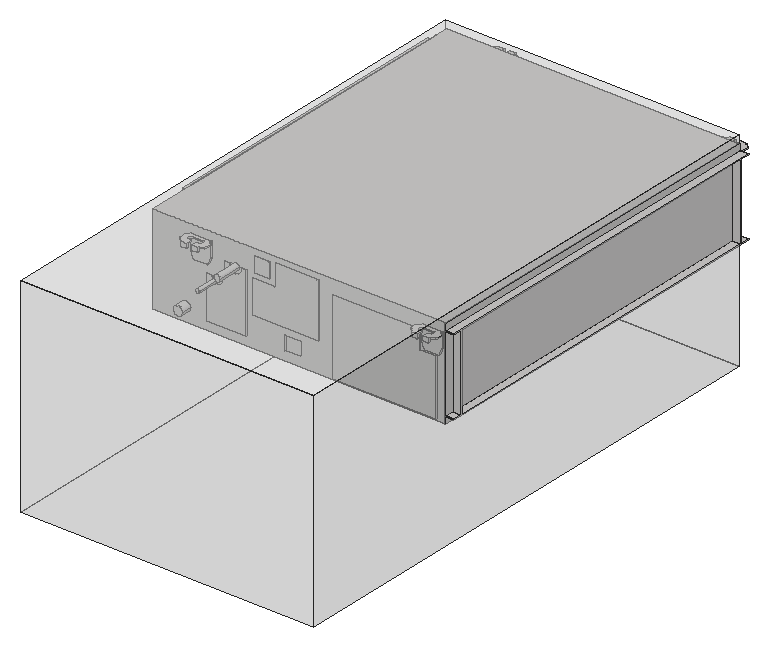
Revit family "outputfile", category 機械設備, Revit 2024
Family settings
  丸型コネクタ寸法 = 半径を使用
  パーツ タイプ = 標準
  OmniClass 番号 = 23.75.10.24.21.27.27
  OmniClass タイトル = Split System Air Conditioning Units
  作業面ベース = いいえ
  常に垂直 = はい
  ロード時にボイドで切り取り = いいえ
  注釈の向きを維持 = いいえ
  共有 = いいえ
  部屋計算ポイント = はい
Parameters (values of type "FBFC71DVM9")
  Description = ""
  製造元 = "Daikin"
  書き出し IFC クラス(タイプ) = "IfcUnitaryEquipmentType"
  定義済み IFC タイプ(タイプ) = "AIRCONDITIONINGUNIT"
  Cost = 0
  モデル = "FBFC71DVM9"
  Type Comments = ""
  Keynote = ""
  Type Image = (empty or 0)
  Assembly Code = ""
  switch_frequency = yes
  r_Liquid Pipe Size = Liquid Pipe Size / 2  # 4.75 mm
  r_Gas Pipe Size = Gas Pipe Size / 2  # 7.95 mm
  r_Drain Pipe Size = Drain Pipe Size / 2  # 12.5 mm
  lw_power = 770.0 mm  # constant formula
  lh_SA = 138.0 mm  # constant formula
  lw_SA = if(Depth = 550.0 mm, 225.0 mm, if(Depth = 700.0 mm, 300.0 mm, if(Depth = 1000.0 mm, 450.0 mm, if(Depth = 1400.0 mm, 650.0 mm, 725.0 mm))))  # 450.0 mm
  lw_RA = if(Depth = 550.0 mm, 275.0 mm, if(Depth = 700.0 mm, 349.0 mm, if(Depth = 1000.0 mm, 499.0 mm, if(Depth = 1400.0 mm, 699.0 mm, 775.0 mm))))  # 499.0 mm
  lh_power = 60.0 mm + [h***]  # 60.0 mm
  lh_mountinghole1 = lh_mountinghole + [h***]  # 222.0 mm
  lh_RA = 123.0 mm  # constant formula
  ld_power = Depth / 2  # 500.0 mm
  connector_voltage = Voltage_50Hz  # 230 V
  connector_powerinput = [Power Input (Cooling)]  # 0.000 kW
  connector_phase = Phase_50Hz  # 1
  Voltage_comment_50Hz = "220 - 240"
  Voltage_50Hz = 230 V
  URL = ""
  Supply Air Direction [instance] = yes
  Sound Power Level_H speed (dB) = 0
  Phase_50Hz = 1
  Minimum External Static Pressure = 40.00 Pa
  Minimum Circuit Amps_50Hz = 0.0 A
  Maximum Fuse Amps_50Hz = 0.0 A
  Maximum External Static Pressure = 140.00 Pa
  Material_Casing = DAIKIN_GalvanizedSteel_Casing_indoorunit
  lw_mountinghole = 630.0 mm  # constant formula
  lh_gaspipe = 183.0 mm + [h***]  # 183.0 mm
  lh_mountinghole = 222.0 mm  # constant formula
  lh_liquidpipe = 136.0 mm + [h***]  # 136.0 mm
  lh_drainpipe = 38.0 mm + [h***]  # 38.0 mm
  lh_antena = Height - lh_mountinghole + 1.0 mm  # 24.0 mm
  ld_drainpipe = Depth / 2 + 26.0 mm  # 526.0 mm
  ld_liquidpipe = Depth / 2 + 69.0 mm  # 569.0 mm
  ld_gaspipe = Depth / 2 + 65.0 mm  # 565.0 mm
  ld_mountinghole = Depth + 38.0 mm  # 1038.0 mm
  h*** = 0.0 mm  # constant formula
  lw_liquidpipe = 179.0 mm  # constant formula
  lw_gaspipe = 229.0 mm  # constant formula
  lw_drainpipe = 91.0 mm  # constant formula
  Width = 800.0 mm
  Version = "ver.1.0"
  Unit Type = "M.S.P. Duct"
  Unit Mass Weight = 36.00 kg
  Unit Designation [instance] = ""
  Uniclass2015Version = "Products v1.30"
  Uniclass2015Title = "Split coil room air conditioning units"
  Uniclass2015Code = "Pr_70_65_03_86"
  Total Cooling Capacity [instance] = 0.000 kW
  Sound Pressure Level_M speed (dBA) = 37
  Sound Pressure Level_L speed (dBA) = 34
  Sound Pressure Level_H speed (dBA) = 39
  Series = "SkyAir_Fan Coil Unit"
  Sensible Cooling Capacity [instance] = 0.000 kW
  SA Duct Size Width = 792.0 mm
  SA Duct Size Height = 176.0 mm
  Refrigerant Type = "R32"
  RA Duct Size Width = 952.0 mm
  RA Duct Size Height = 208.0 mm
  Power Input (Cooling) = 0.000 kW
  Option Accessory 3 [instance] = ""
  Option Accessory 2 [instance] = ""
  Option Accessory 1 [instance] = ""
  Nominal Cooling Capacity = 7.100 kW
  Minimum Airflow = 990.00 m³/h
  Median Airflow = 1200.00 m³/h
  Maximum Airflow = 1500.00 m³/h
  Load Classification = HVAC
  Liquid Pipe Size = 9.5 mm
  Link_Nested Family [instance] = ""
  IfcVersion = ""
  IfcExportType = "AIRCONDITIONINGUNIT"
  IfcExportAs = "IfcUnitaryEquipmentType"
  Height = 245.0 mm
  Heat Exchanger Type = "Cross Fin Coil"
  Gas Pipe Size = 15.9 mm
  Frequency_50Hz = 50 Hz
  Fan Type = "Sirocco Fan"
  Fan Drive = "Direct Drive"
  FCU Tag No. [instance] = ""
  Drain Pipe Size = 25.0 mm
  Design Supply Airflow [instance] = 0.00 m³/h
  Design Return Airflow [instance] = 0.00 m³/h
  Design External Static Pressure [instance] = 0.00 Pa
  Depth = 1000.0 mm
  既定の高さ = 0.0 mm
  Cooling Entering Wet Bulb Temperature [instance] = 0.00 °C
  Cooling Entering Dry Bulb Temperature [instance] = 0.00 °C
  Cooling Ambient Wet Bulb Temperature [instance] = 0.00 °C
  Cooling Ambient Dry Bulb Temperature [instance] = 0.00 °C
  Clearance visibility [instance] = yes
  Clearance Top = 20.0 mm
  Clearance Right = 0.0 mm
  Clearance Rear = 0.0 mm
  Clearance Left = 0.0 mm
  Clearance Front = 450.0 mm
  Clearance Bottom = 300.0 mm
Reference planes
  plane 1 "Center (Front/Back)": y = 0
  plane 2 "h": z = 0
  plane 3 "Center (Left/Right)": x = 0
  plane 4 "Back": y = 500
  plane 5 "Front": y = -500
  plane 6 "Left": x = -400
  plane 7 "Right": x = 400
  plane 8 "Top": z = 0
  plane 9 "Bottom": z = -245
  plane 10: y = -215
  plane 11: y = 500
  plane 12: y = -950
  plane 13: x = -400
  plane 14: x = 400
  plane 15: z = 20
  plane 16: z = -545
  plane 17: x = -400
  plane 18: x = -399
  plane 19: x = 399
  plane 20: y = 50
  plane 21: y = -1
  plane 22: z = -122
  plane 23: y = -501
  plane 24: z = -109
  plane 25: x = -221
  plane 26: y = -565
  plane 27: z = -62
  plane 28: x = -171
  plane 29: y = -526
  plane 30: z = -207
  plane 31: x = -309
  plane 32: x = -309
  plane 33: x = -221
  plane 34: x = -171
  plane 35: x = 370
  plane 36: x = -266
  plane 37: x = 364
  plane 38: y = -519
  plane 39: y = 519
  plane 40: z = -23
  plane 41: z = -107
  plane 42: y = -569
  plane 43: y = -376
  plane 44: x = -251
  plane 45: x = -203
  plane 46: x = -144
  plane 47: z = -59
  plane 48: z = -106
  plane 49: z = -221
  plane 50: z = -109
  plane 51: x = -221
  plane 52: z = -62
  plane 53: x = -171
  plane 54: z = -17
  plane 55: z = -59
  plane 56: x = -121
  plane 57: x = -79
  plane 58: x = -125
  plane 59: x = -64
  plane 60: x = 53
  plane 61: z = -164
  plane 62: z = -73
  plane 63: z = -16
  plane 64: x = 93.5
  plane 65: x = 374.5
  plane 66: x = 330
  plane 67: z = -88.5
  plane 68: z = -38
  plane 69: z = -242.5
  plane 70: x = -38.5
  plane 71: x = 6.5
  plane 72: z = -181
  plane 73: z = -221
  plane 74: y = -499
  plane 75: x = -424
  plane 76: x = 424
Forms (mm)
  Extrusion 1, solid, material "DAIKIN_GalvanizedSteel_Casing_indoorunit" <- "Material_Casing"
    sketch origin (0, 0, 0) x (1, 0, 0) y (0, 1, 0)
      loop
        line (-399, 500) -> (-399, -500) -> (399, -500) -> (399, 500) -> (-399, 500)
    from -245 to 0
  Extrusion 2, solid, material "DAIKIN_GalvanizedSteel_Casing_indoorunit" <- "Material_Casing"
    sketch origin (0, 0, 0) x (1, 0, 0) y (0, 0, 1)
      loop
        line (-251, -221) -> (-144, -221) -> (-144, -59) -> (-154.47, -59)
        arc (-154.47, -59) -> (-171, -78.8) -> (-187.53, -59) r 16.8
        line (-187.53, -59) -> (-203, -59) -> (-203, -106) -> (-206.916, -106)
        arc (-206.916, -106) -> (-221, -123.4) -> (-235.084, -106) r 14.4
        line (-235.084, -106) -> (-251, -106) -> (-251, -221)
    from 500 to 501
  Extrusion 3, solid, material "DAIKIN_GalvanizedSteel_Casing_indoorunit" <- "Material_Casing"
    sketch origin (0, 0, 0) x (1, 0, 0) y (0, 0, 1)
      loop
        line (-121, -17) -> (-121, -59) -> (-79, -59) -> (-79, -17) -> (-121, -17)
      loop
        line (-125, -73) -> (-125, -164) -> (53, -164) -> (53, -16) -> (-64, -16) -> (-64, -73) -> (-125, -73)
    from 500 to 501
  Extrusion 4, solid, material "DAIKIN_GalvanizedSteel_Casing_indoorunit" <- "Material_Casing"
    sketch origin (0, 0, 0) x (1, 0, 0) y (0, 0, 1)
      loop
        line (93.5, -38) -> (93.5, -242.5) -> (374.5, -242.5) -> (374.5, -88.5) -> (330, -88.5) -> (330, -38) -> (93.5, -38)
    from 500 to 501
  Extrusion 5, solid, material "DAIKIN_GalvanizedSteel_Casing_indoorunit" <- "Material_Casing"
    sketch origin (0, 0, 0) x (1, 0, 0) y (0, 0, 1)
      loop
        circle (-221, -109) r 4.75
    from 500 to 569
  Extrusion 6, solid, material "DAIKIN_GalvanizedSteel_Casing_indoorunit" <- "Material_Casing"
    sketch origin (0, 0, 0) x (1, 0, 0) y (0, 0, 1)
      loop
        circle (-171, -62) r 7.95
    from 500 to 565
  Extrusion 7, solid, material "DAIKIN_GalvanizedSteel_Casing_indoorunit" <- "Material_Casing"
    sketch origin (0, 0, 0) x (1, 0, 0) y (0, 0, 1)
      loop
        circle (-309, -207) r 12.5
    from 500 to 526
  Extrusion 8, void
    sketch origin (0, 0, 0) x (1, 0, 0) y (0, 0, 1)
      loop
        line (-38.5, -181) -> (-38.5, -221) -> (6.5, -221) -> (6.5, -181) -> (-38.5, -181)
    from 499 to 500
Cuts and joins
  Extrusion 8 cuts Extrusion 1
Dimensions and locks
  "Height": plane 8 "Top" to plane 9 "Bottom"
  equal spacing: plane 4 "Back", plane 1 "Center (Front/Back)", plane 5 "Front"
  "Depth": plane 4 "Back" to plane 5 "Front"
  equal spacing: plane 6 "Left", plane 3 "Center (Left/Right)", plane 7 "Right"
  "Width": plane 6 "Left" to plane 7 "Right"
  "Clearance Left": plane 13 to plane 6 "Left"
  "Clearance Right": plane 7 "Right" to plane 14
  "Clearance Rear": plane 11 to plane 4 "Back"
  "Clearance Front": plane 5 "Front" to plane 12
  "Clearance Top": plane 15 to plane 8 "Top"
  "Clearance Bottom": plane 9 "Bottom" to plane 16
  locked: plane 17 to plane 18 at 1
  locked: plane 19 to plane 14 at 1
  "lw_SA": plane 11 to plane 20
  "lw_RA": plane 21 to plane 5 "Front"
  "lh_RA": plane 22 to plane 9 "Bottom"
  locked: plane 5 "Front" to plane 23 at 1
  "lw_liquidpipe": plane 25 to plane 6 "Left"
  "lh_liquidpipe": plane 24 to plane 9 "Bottom"
  "lh_gaspipe": plane 27 to plane 9 "Bottom"
  "lw_gaspipe": plane 28 to plane 6 "Left"
  "ld_gaspipe": plane 26 to plane 1 "Center (Front/Back)"
  "ld_drainpipe": plane 29 to plane 1 "Center (Front/Back)"
  "lh_drainpipe": plane 30 to plane 9 "Bottom"
  "lw_drainpipe": plane 31 to plane 6 "Left"
  "lw_drainpipe": plane 6 "Left" to plane 32
  "lw_liquidpipe": plane 6 "Left" to plane 33
  "lw_gaspipe": plane 6 "Left" to plane 34
  "lw_power": plane 6 "Left" to plane 35
  locked: plane 17 to plane 36 at 134
  "lw_mountinghole": plane 36 to plane 37
  equal spacing: plane 38, plane 1 "Center (Front/Back)", plane 39
  "ld_mountinghole": plane 39 to plane 38
  "lh_mountinghole": plane 40 to plane 9 "Bottom"
  "lh_SA": plane 41 to plane 9 "Bottom"
  plane 46 to plane 45 to plane 44 to plane 6 "Left" = 59.0 mm, 48.0 mm, 149.0 mm
  plane 8 "Top" to plane 47 to plane 48 to plane 49 = 59.0 mm locked, 47.0 mm locked, 115.0 mm locked
  plane 53 to plane 51 to plane 6 "Left" = 50.0 mm locked, 179.0 mm locked
  plane 52 to plane 50 to plane 9 "Bottom" = 47.0 mm locked, 136.0 mm locked
  plane 57 to plane 56 to plane 6 "Left" = 42.0 mm locked, 279.0 mm locked
  plane 8 "Top" to plane 54 to plane 55 = 17.0 mm locked, 42.0 mm locked
  plane 60 to plane 59 to plane 58 to plane 6 "Left" = 117.0 mm, 61.0 mm, 275.0 mm
  plane 8 "Top" to plane 63 to plane 62 = 16.0 mm locked, 57.0 mm locked
  locked: plane 63 to plane 61 at 148
  plane 8 "Top" to plane 68 to plane 67 to plane 69 = 38.0 mm locked, 50.5 mm locked, 154.0 mm locked
  plane 65 to plane 66 to plane 64 to plane 6 "Left" = 44.5 mm locked, 236.5 mm locked, 493.5 mm locked
  plane 8 "Top" to plane 72 to plane 73 = 181.0 mm locked, 40.0 mm locked
  plane 71 to plane 70 to plane 6 "Left" = 45.0 mm, 361.5 mm
  locked: plane 74 to plane 5 "Front" at 1
  locked: plane 75 to plane 17 at 24
  locked: plane 14 to plane 76 at 24
  "ld_liquidpipe": plane 42 to plane 1 "Center (Front/Back)"
  "r_Liquid Pipe Size": radius of Extrusion 5 sketch curve
  "r_Gas Pipe Size": radius of Extrusion 6 sketch curve
  "r_Drain Pipe Size": radius of Extrusion 7 sketch curve
  aligned and locked: level to plane 2 "h"
  aligned and locked: plane 8 "Top" to Extrusion 1
  aligned and locked: Extrusion 1 to plane 9 "Bottom"
  aligned and locked: nested 5 to plane 12
  aligned and locked: plane 13 to nested 5
  aligned and locked: plane 14 to nested 5
  aligned and locked: nested 5 to plane 13
  aligned and locked: plane 11 to nested 5
  aligned and locked: plane 15 to nested 5
  aligned and locked: plane 16 to nested 5
  aligned and locked: plane 5 "Front" to Extrusion 1 sketch curve
  aligned and locked: Extrusion 1 to plane 18
  aligned and locked: plane 19 to Extrusion 1
  aligned and locked: nested 7 to plane 18
  aligned and locked: nested 7 to plane 20
  aligned and locked: plane 19 to nested 8
  aligned and locked: plane 21 to nested 8
  aligned and locked: plane 22 to nested 8
  aligned and locked: Extrusion 2 to plane 23
  aligned and locked: plane 5 "Front" to Extrusion 2
  aligned and locked: Extrusion 3 to plane 23
  aligned and locked: plane 5 "Front" to Extrusion 3
  aligned and locked: plane 5 "Front" to Extrusion 4
  aligned and locked: Extrusion 5 sketch curve to plane 25
  aligned and locked: plane 24 to Extrusion 5 sketch curve
  aligned and locked: plane 5 "Front" to Extrusion 5
  aligned and locked: Extrusion 6 sketch curve to plane 28
  aligned and locked: plane 27 to Extrusion 6 sketch curve
  aligned and locked: plane 5 "Front" to Extrusion 6
  aligned and locked: Extrusion 7 sketch curve to plane 31
  aligned and locked: plane 30 to Extrusion 7 sketch curve
  aligned and locked: Extrusion 7 to plane 29
  aligned and locked: nested 3 to plane 29
  aligned and locked: plane 32 to nested 3
  aligned and locked: nested 2 to plane 33
  aligned and locked: nested 1 to plane 34
  aligned and locked: Extrusion 6 to plane 26
  aligned and locked: nested 1 to plane 26
  aligned and locked: nested 6 to plane 5 "Front"
  aligned and locked: nested 6 to plane 35
  aligned and locked: plane 36 to nested 10
  aligned and locked: nested 10 to plane 5 "Front"
  aligned and locked: plane 37 to nested 9
  aligned and locked: nested 9 to plane 5 "Front"
  aligned and locked: nested 11 to plane 36
  aligned and locked: plane 4 "Back" to nested 11
  aligned and locked: nested 12 to plane 37
  aligned and locked: plane 4 "Back" to nested 12
  aligned and locked: plane 40 to nested 10
  aligned and locked: plane 40 to nested 11
  aligned and locked: plane 40 to nested 9
  aligned and locked: plane 40 to nested 12
  aligned and locked: plane 36 to nested 14
  aligned and locked: nested 14 to plane 39
  aligned and locked: plane 37 to nested 13
  aligned and locked: nested 13 to plane 39
  aligned and locked: plane 37 to nested 16
  aligned and locked: plane 38 to nested 16
  aligned and locked: plane 38 to nested 15
  aligned and locked: plane 36 to nested 15
  aligned and locked: plane 17 to plane 6 "Left"
  aligned and locked: plane 41 to nested 7
  aligned and locked: Extrusion 5 to plane 42
  aligned and locked: nested 2 to plane 42
  aligned and locked: Extrusion 3 sketch curve to plane 54
  aligned and locked: Extrusion 3 sketch curve to plane 56
  aligned and locked: plane 55 to Extrusion 3 sketch curve
  aligned and locked: plane 57 to Extrusion 3 sketch curve
  aligned and locked: Extrusion 4 to plane 23
  aligned and locked: Extrusion 8 sketch curve to plane 72
  aligned and locked: plane 73 to Extrusion 8 sketch curve
  aligned and locked: plane 71 to Extrusion 8 sketch curve
  aligned and locked: plane 5 "Front" to Extrusion 8
  aligned and locked: plane 74 to Extrusion 8
  aligned and locked: nested 17 to plane 20
  aligned and locked: nested 17 to plane 75
  aligned and locked: plane 21 to nested 18
  aligned and locked: plane 76 to nested 18
  aligned and locked: plane 41 to nested 17
  aligned and locked: nested 18 to plane 22
  aligned and locked: nested 4 to plane 3 "Center (Left/Right)"
  aligned and locked: plane 1 "Center (Front/Back)" to nested 4
  aligned and locked: level to plane 8 "Top"
  aligned and locked: plane 5 "Front" to Extrusion 7
Automatic sketch dimensions
  plane 6 "Left" to Extrusion 1 sketch curve = 1.0 mm
  Extrusion 1 sketch curve to plane 7 "Right" = 1.0 mm
  Extrusion 1 sketch curve to plane 4 "Back" = 0.0 mm
  Extrusion 2 sketch curve to plane 44 = 0.0 mm
  Extrusion 2 sketch curve to plane 33 = 0.0 mm
  Extrusion 2 sketch curve to plane 45 = 0.0 mm
  Extrusion 2 sketch curve to plane 34 = 0.0 mm
  Extrusion 2 sketch curve to plane 46 = 0.0 mm
  Extrusion 2 sketch curve to plane 49 = 0.0 mm
  Extrusion 2 sketch curve to plane 50 = 0.0 mm
  Extrusion 2 sketch curve to plane 48 = 0.0 mm  (x3)
  Extrusion 2 sketch curve to plane 52 = 0.0 mm
  Extrusion 2 sketch curve to plane 47 = 0.0 mm  (x3)
  plane 33 to Extrusion 2 sketch curve = 14.084 mm
  plane 34 to Extrusion 2 sketch curve = 16.53 mm
  Extrusion 3 sketch curve to plane 58 = 0.0 mm
  Extrusion 3 sketch curve to plane 59 = 0.0 mm
  Extrusion 3 sketch curve to plane 60 = 0.0 mm
  Extrusion 3 sketch curve to plane 61 = 0.0 mm
  Extrusion 3 sketch curve to plane 62 = 0.0 mm
  Extrusion 3 sketch curve to plane 63 = 0.0 mm
  Extrusion 4 sketch curve to plane 64 = 0.0 mm
  Extrusion 4 sketch curve to plane 66 = 0.0 mm
  Extrusion 4 sketch curve to plane 65 = 0.0 mm
  Extrusion 4 sketch curve to plane 69 = 0.0 mm
  Extrusion 4 sketch curve to plane 67 = 0.0 mm
  Extrusion 4 sketch curve to plane 68 = 0.0 mm
  Extrusion 8 sketch curve to plane 70 = 0.0 mm
Nested families
  nested 1: "daikin_connector_rotate2" at (-171, 0, -62), length <- "ld_gaspipe", built-in parameter 1001364 <- "lh_gaspipe", radius <- "r_Gas Pipe Size", type "daikin_connector_rotate2"
    with radius 7.95 mm, length 565.0 mm, angle_vertical 90.00°
  nested 2: "daikin_connector_rotate2" at (-221, 0, -109), length <- "ld_liquidpipe", built-in parameter 1001364 <- "lh_liquidpipe", radius <- "r_Liquid Pipe Size", type "daikin_connector_rotate2"
    with radius 4.75 mm, length 569.0 mm, angle_vertical 90.00°
  nested 3: "daikin_connector_rotate2" at (-309, 0, -207), length <- "ld_drainpipe", built-in parameter 1001364 <- "lh_drainpipe", radius <- "r_Drain Pipe Size", type "daikin_connector_rotate2"
    with radius 12.5 mm, length 526.0 mm, angle_vertical 90.00°
  nested 4: "daikin_△_symbolicline" at (0, 0, 245) x (0, -1, 0) z (0, 0, 1), built-in parameter 1001364 <- "Height", visible <- "Supply Air Direction", type "daikin_△_symbolicline"
    with length 200.0 mm
  nested 5: "daikin_clearancespace" at (0, -225, -262.381), visible <- "Clearance visibility", show <- "Clearance visibility", Link_Nested Family <- "Link_Nested Family", type "daikin_clearancespace"
    with width 800.0 mm, show yes, height 565.0 mm, depth 1450.0 mm, Link_Nested Family ""
  nested 6: "daikin_connector_rotate2" at (370, 0, -185), built-in parameter 1001364 <- "lh_power", length <- "ld_power", type "daikin_connector_rotate2"
    with radius 10.0 mm, length 500.0 mm, angle_vertical 90.00°
  nested 7: "daikin_ductflange_FBFC-DVM92" at (-399, 50, -107) x (0, -1, 0) z (0, 0, 1), type "daikin_ductflange_FBFC-DVM92"
    with width 792.0 mm, w 1000.0 mm
  nested 8: "daikin_ductflange_FBFC-DVM9" at (399, -1, -122) x (0, 1, 0) z (0, 0, 1), type "daikin_ductflange_FBFC-DVM9"
    with width 952.0 mm, lw 25.0 mm, w 1000.0 mm
  nested 9: "daikin_hangerfixture_FBFC-DVM9" at (364, -500, -23), type "daikin_hangerfixture_FBFC-DVM9"
  nested 10: "daikin_hangerfixture_FBFC-DVM9" at (-266, -500, -23), type "daikin_hangerfixture_FBFC-DVM9"
  nested 11: "daikin_hangerfixture_FBFC-DVM9" at (-266, 500, -23) x (-1, 0, 0) z (0, 0, 1), type "daikin_hangerfixture_FBFC-DVM9"
  nested 12: "daikin_hangerfixture_FBFC-DVM9" at (364, 500, -23) x (-1, 0, 0) z (0, 0, 1), type "daikin_hangerfixture_FBFC-DVM9"
  nested 13: "daikin_mountinghole" at (364, 519, -245), h_mountinghole <- "lh_mountinghole1", l_antenna <- "lh_antena", Link_Nested Family <- "Link_Nested Family", type "daikin_mountinghole"
    with show yes, l_antenna 24.0 mm, h_mountinghole 222.0 mm, Link_Nested Family ""
  nested 14: "daikin_mountinghole" at (-266, 519, -245), h_mountinghole <- "lh_mountinghole1", l_antenna <- "lh_antena", Link_Nested Family <- "Link_Nested Family", type "daikin_mountinghole"
    with show yes, l_antenna 24.0 mm, h_mountinghole 222.0 mm, Link_Nested Family ""
  nested 15: "daikin_mountinghole" at (-266, -519, -245), h_mountinghole <- "lh_mountinghole1", l_antenna <- "lh_antena", Link_Nested Family <- "Link_Nested Family", type "daikin_mountinghole"
    with show yes, l_antenna 24.0 mm, h_mountinghole 222.0 mm, Link_Nested Family ""
  nested 16: "daikin_mountinghole" at (364, -519, -245), h_mountinghole <- "lh_mountinghole1", l_antenna <- "lh_antena", Link_Nested Family <- "Link_Nested Family", type "daikin_mountinghole"
    with show yes, l_antenna 24.0 mm, h_mountinghole 222.0 mm, Link_Nested Family ""
  nested 17: "daikin_connector_rotate2" at (-400, 50, -107) x (0, -1, 0) z (0, 0, 1), type "daikin_connector_rotate2"
    with radius 10.0 mm, length 24.0 mm, angle_vertical 90.00°
  nested 18: "daikin_connector_rotate2" at (400, -1, -122) x (0, 1, 0) z (0, 0, 1), type "daikin_connector_rotate2"
    with radius 10.0 mm, length 24.0 mm, angle_vertical 90.00°
Connectors
  piping at (-309, -526, -207), diameter 25, driven by "r_Drain Pipe Size"
    settings: on nested 3, index 3, connector inside diameter 609.6 mm, connector length 0.0 mm, flow factor 0, pipe flow 0.00 m³/h, pressure drop 0.0 Pa, fitting loss kfactor 0, connector angle 0.00°, fixture units 0, engagement length 0.0 mm, angle of deflection 0.00°, flow configuration 1, flow direction 2, fitting loss method 4, system type 16, joint type 0, gender type 0, connector reference index -1, connector utility 0, adjustable connector no, is connector primary yes, connector description "Condensate Drain Piping"
  piping at (-171, -565, -62), diameter 15.9, driven by "r_Gas Pipe Size"
    settings: on nested 1, index 4, connector inside diameter 609.6 mm, connector length 0.0 mm, flow factor 0, pipe flow 0.00 m³/h, pressure drop 0.0 Pa, fitting loss kfactor 0, connector angle 0.00°, fixture units 0, engagement length 0.0 mm, angle of deflection 0.00°, flow configuration 1, flow direction 2, fitting loss method 0, system type 29, joint type 0, gender type 0, connector reference index -1, connector utility 0, adjustable connector no, is connector primary no, connector description "Refrigerant Gas Piping"
  piping at (-221, -569, -109), diameter 9.5, driven by "r_Liquid Pipe Size"
    settings: on nested 2, index 5, connector inside diameter 609.6 mm, connector length 0.0 mm, flow factor 0, pipe flow 0.00 m³/h, pressure drop 0.0 Pa, fitting loss kfactor 0, connector angle 0.00°, fixture units 0, engagement length 0.0 mm, angle of deflection 0.00°, flow configuration 1, flow direction 1, fitting loss method 0, system type 29, joint type 0, gender type 0, connector reference index -1, connector utility 0, adjustable connector no, is connector primary no, connector description "Refrigerant Liquid Piping"
  electrical at (370, -500, -185), driven by "Load Classification", driven by "connector_phase", driven by "connector_powerinput", driven by "connector_voltage"
    settings: on nested 6, index 6, voltage 230 V, apparent load 0 VA, apparent load phase1 0 VA, apparent load phase2 0 VA, apparent load phase3 0 VA, power factor 1, load classification "HVAC", number of poles 1, system type 30, power factor state 1, is connector primary yes, connector utility no, sub classification motor no, connector description "Power Supply"
  hvac at (-424, 50, -107), driven by "SA Duct Size Height", driven by "SA Duct Size Width"
    settings: on nested 17, index 7, duct flow 0.00 m³/h, flow factor 0, pres drop 0.00 Pa, loss coef 0, conn angle 0.00°, conn width 792.0 mm, conn height 176.0 mm, conn diameter 609.6 mm, duct sys type 1, conn prof type 1, flow config 0, flow direction 2, loss method 4, conn ref index -1, conn util no, is conn primary yes, conn desc "SA Duct"
  hvac at (424, -1, -122), driven by "RA Duct Size Height", driven by "RA Duct Size Width"
    settings: on nested 18, index 8, duct flow 0.00 m³/h, flow factor 0, pres drop 0.00 Pa, loss coef 0, conn angle 0.00°, conn width 952.0 mm, conn height 208.0 mm, conn diameter 609.6 mm, duct sys type 2, conn prof type 1, flow config 0, flow direction 1, loss method 4, conn ref index -1, conn util no, is conn primary no, conn desc "RA Duct"
Definition of nested family "daikin_clearancespace"
  Parameters (values of type "daikin_clearancespace")
    Description = "daikin_clearancespace"
    width [instance] = 1823.963 mm
    show [instance] = yes
    material = none
    height [instance] = 1359.762 mm
    depth [instance] = 880.0 mm
    Default Elevation = 0.0 mm
    Link_Nested Family [instance] = ""
  Reference planes
    plane 1 "Center (Front/Back)": y = 0
    plane 2 "Center (Elevation)": z = -0.119
    plane 3 "Center (Left/Right)": x = 0
    plane 4: y = 440
    plane 5: y = -440
    plane 6 "Right": x = 911.982
    plane 7 "Left": x = -911.982
    plane 8 "Top": z = 679.762
    plane 9 "Bottom": z = -680
  Forms (mm)
    Extrusion 1, solid, material <- "material", visible <- "show"
      sketch origin (0, 0, 0) x (1, 0, 0) y (0, 1, 0)
        loop
          line (-911.982, 440) -> (-911.982, -440) -> (911.982, -440) -> (911.982, 440) -> (-911.982, 440)
      from -680 to 679.762
  Lines and regions (mm)
    symbolic lines, visible <- "show"
      curve 1: line (911.982, 440, 0) -> (-911.982, 440, 0)
      curve 2: line (-911.982, 440, 0) -> (-911.982, -440, 0)
      curve 3: line (-911.982, -440, 0) -> (911.982, -440, 0)
      curve 4: line (911.982, -440, 0) -> (911.982, 440, 0)
      curve 5: line (911.982, 0, 679.762) -> (-911.982, 0, 679.762)
      curve 6: line (911.982, 0, -680) -> (911.982, 0, 679.762)
      curve 7: line (-911.982, 0, -680) -> (911.982, 0, -680)
      curve 8: line (-911.982, 0, 679.762) -> (-911.982, 0, -680)
      curve 9: line (0, 440, 679.762) -> (0, -440, 679.762)
      curve 10: line (0, -440, 679.762) -> (0, -440, -680)
      curve 11: line (0, 440, -680) -> (0, 440, 679.762)
      curve 12: line (0, -440, -680) -> (0, 440, -680)
  Dimensions and locks
    "width": plane 7 "Left" to plane 6 "Right"
    "depth": plane 4 to plane 5
    "height": plane 8 "Top" to plane 9 "Bottom"
    equal spacing: plane 7 "Left", plane 3 "Center (Left/Right)", plane 6 "Right"
    equal spacing: plane 4, plane 1 "Center (Front/Back)", plane 5
    equal spacing: plane 8 "Top", plane 2 "Center (Elevation)", plane 9 "Bottom"
    aligned and locked: level to plane 2 "Center (Elevation)"
    aligned and locked: Extrusion 1 sketch curve to plane 4
    aligned and locked: plane 7 "Left" to Extrusion 1 sketch curve
    aligned and locked: Extrusion 1 sketch curve to plane 5
    aligned and locked: Extrusion 1 sketch curve to plane 6 "Right"
    aligned and locked: plane 8 "Top" to Extrusion 1
    aligned and locked: curve 1 to Extrusion 1
    aligned and locked: curve 2 to Extrusion 1
    aligned and locked: curve 3 to Extrusion 1
    aligned and locked: curve 4 to Extrusion 1
    aligned and locked: curve 5 to Extrusion 1
    aligned and locked: curve 6 to Extrusion 1
    aligned and locked: curve 7 to Extrusion 1
    aligned and locked: curve 8 to Extrusion 1
    aligned and locked: curve 9 to Extrusion 1
    aligned and locked: curve 10 to Extrusion 1
    aligned and locked: curve 11 to Extrusion 1
    aligned and locked: curve 12 to Extrusion 1
    aligned and locked: Extrusion 1 to plane 9 "Bottom"
Definition of nested family "daikin_ductflange_FBFC-DVM92"
  Parameters (values of type "daikin_ductflange_FBFC-DVMG2")
    width = if(w = 550.0 mm, 337.0 mm, if(w = 700.0 mm, 492.0 mm, if(w = 1000.0 mm, 792.0 mm, if(w = 1400.0 mm, 1192.0 mm, 1337.0 mm))))  # 1192.0 mm
    material = none
    height = 215.0 mm
    depth = 1.0 mm
    w = 1400.0 mm
    Default Elevation = 0.0 mm
  Reference planes
    plane 1 "Center (Front/Back)": y = 0
    plane 2: z = 0
    plane 3 "Center (Left/Right)": x = 0
    plane 4: z = 88
    plane 5: z = -88
    plane 6: y = -25
    plane 7: z = 106
    plane 8: z = 89
    plane 9: y = -1
    plane 10: x = -617.5
    plane 11: x = 617.5
    plane 12: z = -106
    plane 13: z = -89
    plane 14: y = -1
    plane 15: x = 596
    plane 16: x = -596
    plane 17: x = 597
    plane 18: z = 87
    plane 19: z = -87
    plane 20: x = -597
    plane 21: z = 87
    plane 22: z = -87
    plane 23: y = -1
  Forms (mm)
    Extrusion 1, solid, material <- "material"
      sketch origin (0, 0, 0) x (0, 1, 0) y (0, 0, 1)
        loop
          line (-25, 88) -> (0, 88) -> (0, 106) -> (-1, 106) -> (-1, 89) -> (-25, 89) -> (-25, 88)
      from -617.5 to 617.5
    Extrusion 2, solid, material <- "material"
      sketch origin (0, 0, 0) x (0, 1, 0) y (0, 0, 1)
        loop
          line (-25, -88) -> (-25, -89) -> (-1, -89) -> (-1, -106) -> (0, -106) -> (0, -88) -> (-25, -88)
      from -617.5 to 617.5
    Extrusion 3, solid, material <- "material"
      sketch origin (0, 0, 0) x (1, 0, 0) y (0, 0, 1)
        loop
          line (596, 88) -> (596, -88) -> (617.5, -88) -> (617.5, -87) -> (597, -87) -> (597, 87) -> (617.5, 87) -> (617.5, 88) -> (596, 88)
      from 0 to 25
    Extrusion 4, solid, material <- "material"
      sketch origin (0, 0, 0) x (1, 0, 0) y (0, 0, 1)
        loop
          line (-617.5, 88) -> (-617.5, 87) -> (-597, 87) -> (-597, -87) -> (-617.5, -87) -> (-617.5, -88) -> (-596, -88) -> (-596, 88) -> (-617.5, 88)
      from 0 to 25
    Extrusion 5, solid, material <- "material"
      sketch origin (0, 0, 0) x (1, 0, 0) y (0, 0, 1)
        loop
          line (-617.5, 88) -> (-617.5, -88) -> (-596, -88) -> (-596, 88) -> (-617.5, 88)
        loop
          line (617.5, 88) -> (596, 88) -> (596, -88) -> (617.5, -88) -> (617.5, 88)
      from 0 to 1
  Cuts and joins
    joined: Extrusion 1, Extrusion 2, Extrusion 3, Extrusion 4, Extrusion 5
  Dimensions and locks
    plane 4 to level to plane 5 = 88.0 mm, 88.0 mm
    locked: plane 6 to plane 1 "Center (Front/Back)" at 25
    locked: plane 9 to plane 1 "Center (Front/Back)" at 1
    locked: plane 8 to plane 4 at 1
    locked: plane 16 to plane 10 at 21.5
    locked: plane 17 to plane 15 at 1
    locked: plane 4 to plane 18 at 1
    locked: plane 19 to plane 5 at 1
    "width": plane 15 to plane 16
    plane 4 to plane 5 = 176.0 mm
    locked: plane 16 to plane 20 at 1
    locked: plane 4 to plane 21 at 1
    locked: plane 22 to plane 5 at 1
    locked: plane 23 to plane 1 "Center (Front/Back)" at 1
    plane 4 to level to plane 5 = 88.0 mm locked, 88.0 mm locked
    locked: plane 5 to plane 13 at 1
    locked: plane 5 to plane 12 at 18
    locked: plane 7 to plane 4 at 18
    equal spacing: plane 15, plane 3 "Center (Left/Right)", plane 16
    locked: plane 11 to plane 15 at 21.5
    plane 11 to plane 10 = 1235.0 mm
    aligned and locked: level to plane 2
    aligned and locked: Extrusion 1 to plane 10
    aligned and locked: plane 11 to Extrusion 1
    aligned and locked: plane 5 to Extrusion 2
    aligned and locked: Extrusion 2 to plane 1 "Center (Front/Back)"
    aligned and locked: plane 15 to Extrusion 3 sketch curve
    aligned and locked: Extrusion 3 sketch curve to Extrusion 2  (x2)
    aligned and locked: Extrusion 3 sketch curve to plane 11
    aligned and locked: plane 6 to Extrusion 3
    aligned and locked: Extrusion 2 to plane 10
    aligned and locked: plane 11 to Extrusion 2
    aligned and locked: Extrusion 4 sketch curve to Extrusion 1  (x2)
    aligned and locked: plane 5 to Extrusion 4 sketch curve
    aligned and locked: Extrusion 4 sketch curve to plane 16
    aligned and locked: Extrusion 4 sketch curve to plane 22
    aligned and locked: plane 20 to Extrusion 4 sketch curve
    aligned and locked: plane 21 to Extrusion 4 sketch curve
    aligned and locked: Extrusion 4 to plane 1 "Center (Front/Back)"
    aligned and locked: plane 6 to Extrusion 4
    aligned and locked: Extrusion 5 sketch curve to Extrusion 1  (x4)
    aligned and locked: Extrusion 5 sketch curve to Extrusion 4  (x2)
    aligned and locked: Extrusion 5 sketch curve to Extrusion 3  (x2)
    aligned and locked: Extrusion 5 to plane 1 "Center (Front/Back)"
    aligned and locked: plane 23 to Extrusion 5
  Automatic sketch dimensions
    Extrusion 1 sketch curve to plane 6 = 0.0 mm
    Extrusion 1 sketch curve to plane 7 = 0.0 mm
    Extrusion 1 sketch curve to plane 9 = 0.0 mm
    Extrusion 1 sketch curve to plane 1 "Center (Front/Back)" = 0.0 mm
    Extrusion 1 sketch curve to plane 4 = 0.0 mm
    Extrusion 1 sketch curve to plane 8 = 0.0 mm
    Extrusion 2 sketch curve to plane 6 = 0.0 mm
    plane 12 to Extrusion 2 sketch curve = 0.0 mm
    Extrusion 2 sketch curve to plane 14 = 0.0 mm
    Extrusion 2 sketch curve to plane 1 "Center (Front/Back)" = 0.0 mm
    plane 13 to Extrusion 2 sketch curve = 0.0 mm
    Extrusion 2 sketch curve to plane 5 = 0.0 mm
    Extrusion 3 sketch curve to plane 17 = 0.0 mm
    Extrusion 3 sketch curve to plane 19 = 0.0 mm
    Extrusion 3 sketch curve to plane 18 = 0.0 mm
    Extrusion 3 sketch curve to plane 4 = 0.0 mm
    Extrusion 4 sketch curve to plane 10 = 0.0 mm
Definition of nested family "daikin_ductflange_FBFC-DVM9"
  Parameters (values of type "daikin_ductflange_FBFC-DVMG")
    width = if(w = 550.0 mm, 502.0 mm, if(w = 700.0 mm, 654.0 mm, if(w = 1000.0 mm, 952.0 mm, if(w = 1400.0 mm, 1352.0 mm, 1502.0 mm))))  # 654.0 mm
    material = none
    lw = if(width = 654.0 mm, 23.0 mm, 25.0 mm)  # 23.0 mm
    height = 208.0 mm
    depth = 1.0 mm
    w = 700.0 mm
    Default Elevation = 0.0 mm
  Reference planes
    plane 1 "Center (Front/Back)": y = 0
    plane 2: z = 0
    plane 3 "Center (Left/Right)": x = 0
    plane 4: z = 104
    plane 5: z = -104
    plane 6: y = -25
    plane 7: z = 121
    plane 8: z = 105
    plane 9: y = -1
    plane 10: x = -350
    plane 11: x = 350
    plane 12: z = -122
    plane 13: z = -105
    plane 14: y = -1
    plane 15: x = 327
    plane 16: x = -327
    plane 17: x = 328
    plane 18: z = 103
    plane 19: z = -103
    plane 20: x = -328
    plane 21: z = 103
    plane 22: z = -103
    plane 23: y = -1
  Forms (mm)
    Extrusion 1, solid, material <- "material"
      sketch origin (0, 0, 0) x (0, 1, 0) y (0, 0, 1)
        loop
          line (-25, 104) -> (0, 104) -> (0, 121) -> (-1, 121) -> (-1, 105) -> (-25, 105) -> (-25, 104)
      from -350 to 350
    Extrusion 2, solid, material <- "material"
      sketch origin (0, 0, 0) x (0, 1, 0) y (0, 0, 1)
        loop
          line (-25, -104) -> (-25, -105) -> (-1, -105) -> (-1, -122) -> (0, -122) -> (0, -104) -> (-25, -104)
      from -350 to 350
    Extrusion 3, solid, material <- "material"
      sketch origin (0, 0, 0) x (1, 0, 0) y (0, 0, 1)
        loop
          line (327, 104) -> (327, -104) -> (350, -104) -> (350, -103) -> (328, -103) -> (328, 103) -> (350, 103) -> (350, 104) -> (327, 104)
      from 0 to 25
    Extrusion 4, solid, material <- "material"
      sketch origin (0, 0, 0) x (1, 0, 0) y (0, 0, 1)
        loop
          line (-350, 104) -> (-350, 103) -> (-328, 103) -> (-328, -103) -> (-350, -103) -> (-350, -104) -> (-327, -104) -> (-327, 104) -> (-350, 104)
      from 0 to 25
    Extrusion 5, solid, material <- "material"
      sketch origin (0, 0, 0) x (1, 0, 0) y (0, 0, 1)
        loop
          line (-350, 104) -> (-350, -104) -> (-327, -104) -> (-327, 104) -> (-350, 104)
        loop
          line (350, 104) -> (327, 104) -> (327, -104) -> (350, -104) -> (350, 104)
      from 0 to 1
  Cuts and joins
    joined: Extrusion 1, Extrusion 2, Extrusion 3, Extrusion 4, Extrusion 5
  Dimensions and locks
    plane 4 to level to plane 5 = 104.0 mm, 104.0 mm
    locked: plane 6 to plane 1 "Center (Front/Back)" at 25
    locked: plane 9 to plane 1 "Center (Front/Back)" at 1
    locked: plane 8 to plane 4 at 1
    "lw": plane 11 to plane 15
    "lw": plane 16 to plane 10
    locked: plane 17 to plane 15 at 1
    locked: plane 4 to plane 18 at 1
    locked: plane 19 to plane 5 at 1
    "width": plane 15 to plane 16
    equal spacing: plane 15, plane 3 "Center (Left/Right)", plane 16
    locked: plane 16 to plane 20 at 1
    locked: plane 4 to plane 21 at 1
    locked: plane 22 to plane 5 at 1
    locked: plane 23 to plane 1 "Center (Front/Back)" at 1
    locked: plane 7 to plane 4 at 17
    locked: plane 1 "Center (Front/Back)" to plane 14 at 1
    locked: plane 5 to plane 13 at 1
    "height": plane 4 to plane 5
    plane 11 to plane 10 = 700.0 mm
    locked: plane 12 to plane 13 at 17
    equal spacing: plane 4, level, plane 5
    aligned and locked: level to plane 2
    aligned and locked: Extrusion 1 to plane 10
    aligned and locked: plane 11 to Extrusion 1
    aligned and locked: plane 5 to Extrusion 2
    aligned and locked: Extrusion 2 to plane 1 "Center (Front/Back)"
    aligned and locked: plane 15 to Extrusion 3 sketch curve
    aligned and locked: Extrusion 3 sketch curve to Extrusion 2  (x2)
    aligned and locked: Extrusion 3 sketch curve to plane 11
    aligned and locked: plane 6 to Extrusion 3
    aligned and locked: Extrusion 2 to plane 10
    aligned and locked: plane 11 to Extrusion 2
    aligned and locked: Extrusion 4 sketch curve to Extrusion 1  (x2)
    aligned and locked: plane 5 to Extrusion 4 sketch curve
    aligned and locked: Extrusion 4 sketch curve to plane 16
    aligned and locked: Extrusion 4 sketch curve to plane 22
    aligned and locked: plane 20 to Extrusion 4 sketch curve
    aligned and locked: plane 21 to Extrusion 4 sketch curve
    aligned and locked: Extrusion 4 to plane 1 "Center (Front/Back)"
    aligned and locked: plane 6 to Extrusion 4
    aligned and locked: Extrusion 5 sketch curve to Extrusion 1  (x4)
    aligned and locked: Extrusion 5 sketch curve to Extrusion 4  (x2)
    aligned and locked: Extrusion 5 sketch curve to Extrusion 3  (x2)
    aligned and locked: Extrusion 5 to plane 1 "Center (Front/Back)"
    aligned and locked: plane 23 to Extrusion 5
  Automatic sketch dimensions
    Extrusion 1 sketch curve to plane 6 = 0.0 mm
    Extrusion 1 sketch curve to plane 7 = 0.0 mm
    Extrusion 1 sketch curve to plane 9 = 0.0 mm
    Extrusion 1 sketch curve to plane 1 "Center (Front/Back)" = 0.0 mm
    Extrusion 1 sketch curve to plane 4 = 0.0 mm
    Extrusion 1 sketch curve to plane 8 = 0.0 mm
    Extrusion 2 sketch curve to plane 6 = 0.0 mm
    plane 12 to Extrusion 2 sketch curve = 0.0 mm
    Extrusion 2 sketch curve to plane 14 = 0.0 mm
    Extrusion 2 sketch curve to plane 1 "Center (Front/Back)" = 0.0 mm
    plane 13 to Extrusion 2 sketch curve = 0.0 mm
    Extrusion 2 sketch curve to plane 5 = 0.0 mm
    Extrusion 3 sketch curve to plane 17 = 0.0 mm
    Extrusion 3 sketch curve to plane 19 = 0.0 mm
    Extrusion 3 sketch curve to plane 18 = 0.0 mm
    Extrusion 3 sketch curve to plane 4 = 0.0 mm
    Extrusion 4 sketch curve to plane 10 = 0.0 mm
Definition of nested family "daikin_hangerfixture_FBFC-DVM9"
  Parameters (values of type "daikin_hangerfixture_FXMQ-PAVE")
    width = 72.0 mm
    material = none
    height = 60.0 mm
    depth = 41.0 mm
    Default Elevation = 0.0 mm
  Reference planes
    plane 1 "Center (Front/Back)": y = 0
    plane 2: z = 0
    plane 3 "Center (Left/Right)": x = 0
    plane 4: y = 417.146
    plane 5: y = -41
    plane 6: x = -36
    plane 7: x = 36
    plane 8: z = -2.3
    plane 9: z = -60
    plane 10: y = -2.3
    plane 11: z = -12
    plane 12: y = -38.7
  Forms (mm)
    Extrusion 1, solid, material <- "material"
      sketch origin (0, 0, 0) x (1, 0, 0) y (0, 1, 0)
        loop
          line (-28, 0) -> (-28, -5)
          arc (-28, -5) -> (-29.127, -8.162) -> (-32, -9.899) r 5
          arc (-32, -9.899) -> (-34.873, -11.636) -> (-36, -14.798) r 5
          line (-36, -14.798) -> (-36, -27.178)
          arc (-36, -27.178) -> (-35.429, -29.499) -> (-33.846, -31.289) r 5
          line (-33.846, -31.289) -> (-23, -38.798) -> (-23, -41.098) -> (-6.5, -41.098) -> (-6.5, -28.498)
          arc (-6.5, -28.498) -> (-7.379, -26.377) -> (-9.5, -25.498) r 3
          line (-9.5, -25.498) -> (-13.5, -25.498)
          arc (-13.5, -25.498) -> (-20, -18.998) -> (-13.5, -12.498) r 6.5
          line (-13.5, -12.498) -> (13.5, -12.498)
          arc (13.5, -12.498) -> (20, -18.998) -> (13.5, -25.498) r 6.5
          line (13.5, -25.498) -> (9.5, -25.498)
          arc (9.5, -25.498) -> (7.379, -26.377) -> (6.5, -28.498) r 3
          line (6.5, -28.498) -> (6.5, -41.098) -> (23, -41.098) -> (23, -38.798) -> (33.846, -31.289)
          arc (33.846, -31.289) -> (35.429, -29.499) -> (36, -27.178) r 5
          line (36, -27.178) -> (36, -14.596)
          arc (36, -14.596) -> (34.873, -11.434) -> (32, -9.697) r 5
          arc (32, -9.697) -> (29.127, -7.96) -> (28, -4.798) r 5
          line (28, -4.798) -> (28, 0) -> (-28, 0)
      from 0 to -2.3
    Extrusion 2, solid, material <- "material"
      sketch origin (0, 0, 0) x (1, 0, 0) y (0, 0, 1)
        loop
          line (28, -39.037) -> (28, 0) -> (-28, 0) -> (-28, -39.037)
          arc (-28, -39.037) -> (-27.91, -39.983) -> (-27.642, -40.894) r 5
          line (-27.642, -40.894) -> (-21.257, -56.857)
          arc (-21.257, -56.857) -> (-19.418, -59.14) -> (-16.615, -60) r 5
          line (-16.615, -60) -> (16.615, -60)
          arc (16.615, -60) -> (19.418, -59.14) -> (21.257, -56.857) r 5
          line (21.257, -56.857) -> (27.642, -40.894)
          arc (27.642, -40.894) -> (27.91, -39.983) -> (28, -39.037) r 5
      from 0 to 2.3
    Extrusion 3, solid, material <- "material"
      sketch origin (0, 0, 0) x (1, 0, 0) y (0, 0, 1)
        loop
          line (-23, 0) -> (-23, -9)
          arc (-23, -9) -> (-22.121, -11.121) -> (-20, -12) r 3
          line (-20, -12) -> (-9.5, -12)
          arc (-9.5, -12) -> (-7.379, -11.121) -> (-6.5, -9) r 3
          line (-6.5, -9) -> (-6.5, 0) -> (-23, 0)
        loop
          line (23, 0) -> (6.5, 0) -> (6.5, -9)
          arc (6.5, -9) -> (7.379, -11.121) -> (9.5, -12) r 3
          line (9.5, -12) -> (20, -12)
          arc (20, -12) -> (22.121, -11.121) -> (23, -9) r 3
          line (23, -9) -> (23, 0)
      from 38.8 to 41.098
  Cuts and joins
    joined: Extrusion 1, Extrusion 2, Extrusion 3
  Dimensions and locks
    plane 2 to plane 8 = 2.3 mm
    "height": plane 2 to plane 9
    locked: plane 10 to plane 1 "Center (Front/Back)" at 2.3
    locked: plane 2 to plane 11 at 12
    locked: plane 12 to plane 5 at 2.3
    aligned and locked: level to plane 2
    aligned and locked: Extrusion 1 to plane 8
    aligned and locked: plane 2 to Extrusion 1
    aligned and locked: plane 2 to Extrusion 2 sketch curve
    aligned and locked: Extrusion 2 to plane 10
    aligned and locked: Extrusion 2 to plane 1 "Center (Front/Back)"
    aligned and locked: Extrusion 3 sketch curve to cut or joined group of Extrusion 1, Extrusion 2, Extrusion 3  (x3)
    aligned and locked: cut or joined group of Extrusion 1, Extrusion 2, Extrusion 3 to Extrusion 3
  Automatic sketch dimensions
    Extrusion 2 sketch curve to plane 7 = 8.0 mm
    Extrusion 2 sketch curve to plane 8 = 36.737 mm
    plane 6 to Extrusion 2 sketch curve = 19.385 mm
    Extrusion 1 sketch curve to plane 6 = 0.0 mm
    plane 1 "Center (Front/Back)" to Extrusion 1 sketch curve = 0.0 mm
    Extrusion 1 sketch curve to plane 7 = 0.0 mm
    plane 6 to Extrusion 1 sketch curve = 2.154 mm
    plane 6 to Extrusion 1 sketch curve = 3.0 mm
    Extrusion 1 sketch curve to Extrusion 1 sketch curve = 5.0 mm  (x3)
    Extrusion 1 sketch curve to plane 12 = 0.098 mm  (x2)
    Extrusion 1 sketch curve to Extrusion 1 sketch curve = 4.0 mm  (x2)
    Extrusion 1 sketch curve to plane 5 = 0.098 mm  (x2)
    Extrusion 1 sketch curve to plane 3 "Center (Left/Right)" = 6.5 mm
    plane 3 "Center (Left/Right)" to Extrusion 1 sketch curve = 6.5 mm
    Extrusion 1 sketch curve to Extrusion 1 sketch curve = 3.0 mm
    Extrusion 1 sketch curve to plane 7 = 8.0 mm
    Extrusion 1 sketch curve to plane 7 = 5.0 mm
    Extrusion 1 sketch curve to plane 7 = 3.0 mm
    Extrusion 1 sketch curve to plane 7 = 2.154 mm
    plane 12 to Extrusion 1 sketch curve = 7.411 mm  (x2)
    plane 12 to Extrusion 1 sketch curve = 10.202 mm  (x2)
    Extrusion 1 sketch curve to Extrusion 1 sketch curve = 6.5 mm  (x2)
    Extrusion 1 sketch curve to Extrusion 1 sketch curve = 12.38 mm
    Extrusion 1 sketch curve to plane 10 = 12.296 mm
    Extrusion 1 sketch curve to plane 10 = 2.7 mm
    Extrusion 1 sketch curve to plane 10 = 2.498 mm
    plane 6 to Extrusion 1 sketch curve = 4.0 mm
    Extrusion 1 sketch curve to Extrusion 1 sketch curve = 0.0 mm  (x2)
    Extrusion 1 sketch curve to plane 7 = 4.0 mm
    Extrusion 1 sketch curve to Extrusion 1 sketch curve = 4.111 mm
    Extrusion 3 sketch curve to level = 0.0 mm  (x2)
    Extrusion 3 sketch curve to plane 11 = 0.0 mm  (x2)
    plane 11 to Extrusion 3 sketch curve = 3.0 mm  (x2)
    plane 3 "Center (Left/Right)" to Extrusion 3 sketch curve = 6.5 mm
    Extrusion 3 sketch curve to Extrusion 3 sketch curve = 3.0 mm  (x2)
    Extrusion 2 sketch curve to plane 9 = 0.0 mm
    Extrusion 2 sketch curve to Extrusion 2 sketch curve = 11.385 mm
    plane 6 to Extrusion 2 sketch curve = 8.0 mm
    plane 9 to Extrusion 2 sketch curve = 20.963 mm
    Extrusion 2 sketch curve to Extrusion 2 sketch curve = 5.0 mm  (x2)
    plane 9 to Extrusion 2 sketch curve = 3.143 mm  (x3)
    Extrusion 2 sketch curve to Extrusion 2 sketch curve = 4.642 mm  (x2)
    Extrusion 2 sketch curve to Extrusion 2 sketch curve = 0.0 mm  (x2)
    Extrusion 2 sketch curve to Extrusion 2 sketch curve = 0.358 mm
    Extrusion 2 sketch curve to Extrusion 2 sketch curve = 1.857 mm  (x2)
Definition of nested family "daikin_connector_rotate2"
  Parameters (values of type "daikin_connector_rotate2")
    Default Elevation = 1219.2 mm
    show_face = no
    radius [instance] = 10.0 mm
    length [instance] = 600.0 mm
    d_surface = 10.0 mm
    angle_vertical [instance] = 90.00°
  Reference planes
    plane 1 "Center (Front/Back)": y = 0
    plane 2: z = 0
    plane 3 "Center (Left/Right)": x = 0
  Forms (mm)
    Extrusion 1, solid, visible <- "show_face"
      sketch origin (0, -600, 0) x (1, 0, 0) y (0, 0, 1)
        loop
          circle (0, 0) r 10
      from 0 to -10
  Lines and regions (mm)
    reference lines
      curve 1: line (0, 0, 0) -> (0, -600, 0)
    symbolic lines
      curve 2: circle (0, 0, 0) r 5 normal (0, 0, 1)
    model lines, visible <- "show_face"
      curve 3: line (0, 0, 0) -> (0, -600, 0)
  Dimensions and locks
    "length": curve 1 to curve 1
    "length": curve 3 to curve 3
    "d_surface": Extrusion 1 to Extrusion 1
    "radius": radius of Extrusion 1 sketch curve
    "angle_vertical": angle curve 1 to plane 1 "Center (Front/Back)"
    "angle_vertical": angle curve 3 to plane 1 "Center (Front/Back)"
    aligned and locked: level to plane 2
    aligned and locked: plane 1 "Center (Front/Back)" to curve 1
    aligned and locked: plane 2 to curve 1
    aligned and locked: plane 1 "Center (Front/Back)" to curve 2
    aligned and locked: plane 3 "Center (Left/Right)" to curve 2
    aligned and locked: plane 1 "Center (Front/Back)" to curve 3
    aligned and locked: plane 2 to curve 3
    aligned and locked: Extrusion 1 to Extrusion 1
  Automatic sketch dimensions
    Extrusion 1 sketch curve to level = 0.0 mm
    Extrusion 1 sketch curve to plane 3 "Center (Left/Right)" = 0.0 mm
    radius of curve 2 = 5.0 mm
Definition of nested family "daikin_△_symbolicline"
  Parameters (values of type "daikin_△_symbolicline")
    length [instance] = 200.0 mm
    Default Elevation = 0.0 mm
  Reference planes
    plane 1 "Center (Front/Back)": y = 0
    plane 2: z = 0
    plane 3 "Center (Left/Right)": x = 0
  Lines and regions (mm)
    symbolic lines
      curve 1: line (0, -173.205, 0) -> (100, 0, 0)
      curve 2: line (100, 0, 0) -> (-100, 0, 0)
      curve 3: line (-100, 0, 0) -> (0, -173.205, 0)
  Dimensions and locks
    equal spacing: curve 3, plane 3 "Center (Left/Right)", curve 2
    "length": curve 3 to curve 2
    "length": curve 3 to curve 3
    "length": curve 1 to curve 1
    aligned and locked: level to plane 2
    aligned and locked: curve 2 to plane 1 "Center (Front/Back)"
    aligned and locked: plane 3 "Center (Left/Right)" to curve 3
Definition of nested family "daikin_mountinghole"
  Parameters (values of type "daikin_mountinghole")
    Default Elevation = 1219.2 mm
    Type Comments = "mountinghole"
    show [instance] = yes
    material = none
    l_centerline = 100.0 mm
    l_antenna [instance] = 100.0 mm
    h_mountinghole [instance] = 0.0 mm
    d_circle = 30.0 mm
    Link_Nested Family [instance] = ""
  Reference planes
    plane 1 "Center (Front/Back)": y = 0
    plane 2: z = 0
    plane 3 "Center (Left/Right)": x = 0
    plane 4: y = 50
    plane 5: x = -50
    plane 6: x = 50
    plane 7: y = -50
    plane 8 "h_mountinghole": z = 0
    plane 9: z = 100
  Lines and regions (mm)
    model lines, detail levels fine
      curve 1: circle (0, 0, 0) r 15 normal (0, 0, 1)
      curve 2: line (-50, 0, 0) -> (50, 0, 0)
      curve 3: line (0, 50, 0) -> (0, -50, 0)
    symbolic lines, detail levels fine
      curve 4: circle (0, 0, 0) r 15 normal (0, 0, 1)
      curve 5: line (-50, 0, 0) -> (50, 0, 0)
      curve 6: line (0, 50, 0) -> (0, -50, 0)
    model lines
      curve 7: line (0, 0, 100) -> (0, 0, 0)
  Dimensions and locks
    equal spacing: plane 4, plane 1 "Center (Front/Back)", plane 7
    "l_centerline": plane 4 to plane 7
    equal spacing: plane 5, plane 3 "Center (Left/Right)", plane 6
    "l_centerline": plane 5 to plane 6
    "l_antenna": plane 9 to plane 8 "h_mountinghole"
    "h_mountinghole": plane 8 "h_mountinghole" to plane 2
    "d_circle": diameter of curve 1
    "d_circle": diameter of curve 4
    aligned and locked: level to plane 2
    aligned and locked: plane 1 "Center (Front/Back)" to curve 1
    aligned and locked: plane 3 "Center (Left/Right)" to curve 1
    aligned and locked: plane 1 "Center (Front/Back)" to curve 2
    aligned and locked: curve 3 to plane 3 "Center (Left/Right)"
    aligned and locked: plane 6 to curve 2
    aligned and locked: plane 5 to curve 2
    aligned and locked: plane 4 to curve 3
    aligned and locked: plane 7 to curve 3
    aligned and locked: plane 1 "Center (Front/Back)" to curve 4
    aligned and locked: plane 3 "Center (Left/Right)" to curve 4
    aligned and locked: plane 6 to curve 5
    aligned and locked: plane 5 to curve 5
    aligned and locked: plane 1 "Center (Front/Back)" to curve 5
    aligned and locked: plane 4 to curve 6
    aligned and locked: plane 7 to curve 6
    aligned and locked: curve 6 to plane 3 "Center (Left/Right)"
    aligned and locked: curve 7 to plane 3 "Center (Left/Right)"
    aligned and locked: plane 9 to curve 7
    aligned and locked: plane 8 "h_mountinghole" to curve 7
